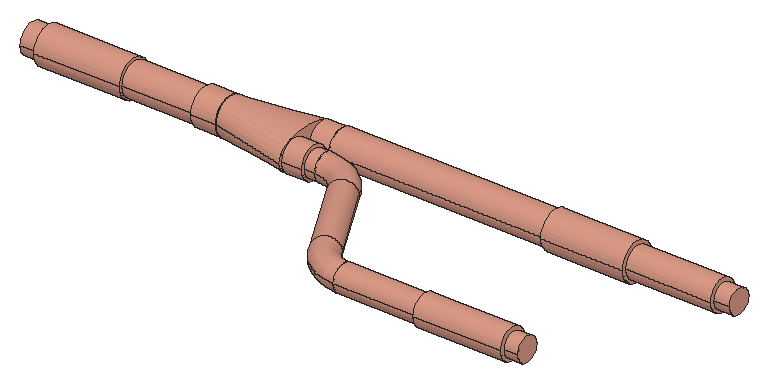
Revit family "outputfile", category 配管付属品, Revit 2024
Family settings
  丸型コネクタ寸法 = 半径を使用
  パーツ タイプ = 標準
  OmniClass 番号 = 23.65.55.00
  OmniClass タイトル = Distribution of Supplied Liquids/Gases
  作業面ベース = いいえ
  常に垂直 = はい
  ロード時にボイドで切り取り = いいえ
  共有 = いいえ
Parameters (values of type "BHRP25A22T")
  Description = ""
  製造元 = "Daikin"
  書き出し IFC クラス(タイプ) = "IfcPipeFittingType"
  定義済み IFC タイプ(タイプ) = "JUNCTION"
  Cost = 0
  Type Comments = ""
  Keynote = ""
  Type Image = (empty or 0)
  Assembly Code = ""
  mm⇔inch [instance] = yes
  Default Elevation = 0.0 mm
  モデル = "BHRP25A22T"
  table_StraightPipe [instance] = if(mm⇔inch, "Refnet Joint_BHRP25A-T_HPLPGas_StraightPipe", "Refnet Joint_BHRP25A-T_HPLPGas_StraightPipe_inch")  # "Refnet Joint_BHRP25A-T_HPLPGas_StraightPipe"
  table_BranchPipe [instance] = if(mm⇔inch, "Refnet Joint_BHRP25A-T_HPLPGas_BranchPipe", "Refnet Joint_BHRP25A-T_HPLPGas_BranchPipe_inch")  # "Refnet Joint_BHRP25A-T_HPLPGas_BranchPipe"
  table_Inlet [instance] = if(mm⇔inch, "Refnet Joint_BHRP25A-T_HPLPGas_Inlet", "Refnet Joint_BHRP25A-T_HPLPGas_Inlet_inch")  # "Refnet Joint_BHRP25A-T_HPLPGas_Inlet"
  switch_StraightPipe_Reducer [instance] = if(Is_StraightPipe Reducer = 1, 1 = 1, 1 = 0)  # no
  switch_StraightPipe3 [instance] = if(number_StraightPipe = 3, 1 = 1, 1 = 0)  # yes
  switch_StraightPipe2 [instance] = if(number_StraightPipe < 2, 1 = 0, 1 = 1)  # yes
  switch_BranchPipe_Reducer [instance] = if(Is_BranchPipe Reducer = 1, 1 = 1, 1 = 0)  # no
  switch_BranchPipe3 [instance] = if(number_BranchPipe = 3, 1 = 1, 1 = 0)  # no
  switch_BranchPipe2 [instance] = if(number_BranchPipe < 2, 1 = 0, 1 = 1)  # yes
  switch_Inlet pipe_Reducer [instance] = if(Is_Inlet Reducer = 1, 1 = 1, 1 = 0)  # no
  switch_Inlet pipe3 [instance] = if(number_InletPipe = 3, 1 = 1, 1 = 0)  # no
  switch_Inlet pipe2 [instance] = if(number_InletPipe < 2, 1 = 0, 1 = 1)  # yes
  Uniclass2015Version = "Products v1.31"
  Uniclass2015Title = "Copper pipe fittings"
  Uniclass2015Code = "Pr_65_52_63_18"
  URL = ""
  StraightPipe_HP/LP Gas_ActualDiameter [instance] = 9.5 mm
  Material_Piping = DAIKIN_Copper_Pipe
  Material_Insulation = DAIKIN_White_Insulation
  lw_Insulation [instance] = size_lookup(table_Inlet, "lw_Insulation", 60.0 mm, モデル)  # 60.0 mm
  Unit Type = "BHRP25A-T_HPLPGas"
  Tag No. [instance] = ""
  StraightPipe_HP/LP Gas_Status [instance] = size_lookup(table_StraightPipe, "Information", "The connected pipe size is not available.", モデル, [StraightPipe_HP/LP Gas_ActualDiameter])  # "Default connector size is used."
  Link_Nested Family [instance] = ""
  Inlet_HP/LP Gas_Actual Diameter [instance] = 12.7 mm
  IfcVersion = ""
  IfcExportType = "JUNCTION"
  IfcExportAs = "IfcPipeFittingType"
  BranchPipe_HP/LP Gas_Status [instance] = size_lookup(table_BranchPipe, "Information", "The connected pipe size is not available.", モデル, [BranchPipe_HP/LP Gas_ActualDiameter])  # "Default connector size is used."
  Inlet_HP/LP Gas_Status [instance] = size_lookup(table_Inlet, "Information", "The connected pipe size is not available.", モデル, [Inlet_HP/LP Gas_Actual Diameter])  # "Default connector size is used."
  Series = "Refnet Joint"
  O.R_dividePipe_Inlet [instance] = (I.D_InletPipe1 + 2.0 mm) / 2  # 8.95 mm
  r_StraightPipe_Connector [instance] = [StraightPipe_HP/LP Gas_ActualDiameter] / 2  # 4.75 mm
  r_BranchPipe_Connector [instance] = [BranchPipe_HP/LP Gas_ActualDiameter] / 2  # 4.75 mm
  r_Inlet_Connector [instance] = [Inlet_HP/LP Gas_Actual Diameter] / 2  # 6.35 mm
  number_StraightPipe [instance] = size_lookup(table_StraightPipe, "pipeNumber", 3, モデル, [StraightPipe_HP/LP Gas_ActualDiameter])  # 3
  number_BranchPipe [instance] = size_lookup(table_BranchPipe, "pipeNumber", 2, モデル, [BranchPipe_HP/LP Gas_ActualDiameter])  # 2
  number_InletPipe [instance] = size_lookup(table_Inlet, "pipeNumber", 2, モデル, [Inlet_HP/LP Gas_Actual Diameter])  # 2
  r_BranchPipeR [instance] = size_lookup(table_BranchPipe, "r_offsetPipeR", 20.0 mm, モデル, [BranchPipe_HP/LP Gas_ActualDiameter])  # 20.0 mm
  l_BranchPipe_Straight2 [instance] = size_lookup(table_BranchPipe, "L_offsetPipe2", 40.0 mm, モデル)  # 40.0 mm
  l_BranchPipe_Straight1 [instance] = size_lookup(table_BranchPipe, "L_offsetPipe1", 5.5 mm, モデル)  # 5.5 mm
  l_BranchPipe connector [instance] = size_lookup(table_BranchPipe, "Length", 165.0 mm, モデル, [BranchPipe_HP/LP Gas_ActualDiameter])  # 165.0 mm
  l_inlet connector [instance] = size_lookup(table_Inlet, "Length", 97.0 mm, モデル, [Inlet_HP/LP Gas_Actual Diameter])  # 97.0 mm
  l_dividePipe [instance] = size_lookup(table_Inlet, "L_devidePipe", 38.0 mm, モデル)  # 38.0 mm
  l_StraightPipeReducer [instance] = size_lookup(table_StraightPipe, "L_Reducer", 100.0 mm, モデル, [StraightPipe_HP/LP Gas_ActualDiameter])  # 100.0 mm
  l_StraightPipe3 [instance] = size_lookup(table_StraightPipe, "L_Pipe3", 8.0 mm, モデル)  # 8.0 mm
  l_StraightPipe2 [instance] = size_lookup(table_StraightPipe, "L_Pipe2", 42.0 mm, モデル)  # 42.0 mm
  l_StraightPipe1 [instance] = size_lookup(table_StraightPipe, "L_Pipe1", 40.0 mm, モデル)  # 40.0 mm
  l_StraightPipe0 [instance] = size_lookup(table_StraightPipe, "L_Pipe0", 105.0 mm, モデル)  # 105.0 mm
  l_StraightPipe connector [instance] = size_lookup(table_StraightPipe, "Length", 205.0 mm, モデル, [StraightPipe_HP/LP Gas_ActualDiameter])  # 205.0 mm
  l_BranchPipe Reducer [instance] = size_lookup(table_BranchPipe, "L_Reducer", 80.0 mm, モデル, [BranchPipe_HP/LP Gas_ActualDiameter])  # 80.0 mm
  l_BranchPipe3 [instance] = size_lookup(table_BranchPipe, "L_Pipe3", 2.0 mm, モデル)  # 2.0 mm
  l_BranchPipe2 [instance] = size_lookup(table_BranchPipe, "L_Pipe2", 7.0 mm, モデル)  # 7.0 mm
  l_BranchPipe1 [instance] = size_lookup(table_BranchPipe, "L_Pipe1", 43.0 mm, モデル)  # 43.0 mm
  l_BranchPipe0 [instance] = size_lookup(table_BranchPipe, "L_Pipe0", 105.0 mm, モデル)  # 105.0 mm
  l_InletReducer [instance] = size_lookup(table_Inlet, "L_Reducer", 60.0 mm, モデル, [Inlet_HP/LP Gas_Actual Diameter])  # 60.0 mm
  l_InletPipe3 [instance] = size_lookup(table_Inlet, "L_Pipe3", 2.0 mm, モデル)  # 2.0 mm
  l_InletPipe2 [instance] = size_lookup(table_Inlet, "L_Pipe2", 8.0 mm, モデル)  # 8.0 mm
  l_InletPipe1 [instance] = size_lookup(table_Inlet, "L_Pipe1", 42.0 mm, モデル)  # 42.0 mm
  l_InletPipe0 [instance] = size_lookup(table_Inlet, "L_Pipe0", 35.0 mm, モデル)  # 35.0 mm
  center_StraightPipe [instance] = size_lookup(table_StraightPipe, "center_Pipe", 8.5 mm, モデル)  # 8.5 mm
  center_BranchPipe2 [instance] = size_lookup(table_BranchPipe, "center_OffsetPipe", 71.5 mm, モデル)  # 71.5 mm
  center_BranchPipe1 [instance] = size_lookup(table_BranchPipe, "center_Pipe", 8.5 mm, モデル)  # 8.5 mm
  StraightPipe_HP/LP Gas_AvailableDiameter [instance] = size_lookup(table_StraightPipe, "sizeVariation", "", モデル)  # "9.5/12.7/15.9mm"
  BranchPipe_HP/LP Gas_AvailableDiameter [instance] = size_lookup(table_BranchPipe, "sizeVariation", "", モデル)  # "9.5/12.7mm"
  Inlet_HP/LP Gas_Available Diameter [instance] = size_lookup(table_Inlet, "sizeVariation", "", モデル)  # "9.5/12.7/15.9mm"
  O.D_StraightPipe Reducer [instance] = size_lookup(table_StraightPipe, "O.D_reducer", 2 mm, モデル, [StraightPipe_HP/LP Gas_ActualDiameter])  # 2 mm
  O.D_Offset Outlet Reducer [instance] = size_lookup(table_BranchPipe, "O.D_reducer", 2 mm, モデル, [BranchPipe_HP/LP Gas_ActualDiameter])  # 2 mm
  O.D_Inlet Reducer [instance] = size_lookup(table_Inlet, "O.D_reducer", 2 mm, モデル, [Inlet_HP/LP Gas_Actual Diameter])  # 2 mm
  Is_StraightPipe Reducer [instance] = size_lookup(table_StraightPipe, "IsReducer", 0, モデル, [StraightPipe_HP/LP Gas_ActualDiameter])  # 0
  Is_BranchPipe Reducer [instance] = size_lookup(table_BranchPipe, "IsReducer", 0, モデル, [BranchPipe_HP/LP Gas_ActualDiameter])  # 0
  Is_Inlet Reducer [instance] = size_lookup(table_Inlet, "IsReducer", 0, モデル, [Inlet_HP/LP Gas_Actual Diameter])  # 0
  BranchPipe_HP/LP Gas_ActualDiameter [instance] = 9.5 mm
  Attach_Insulation [instance] = no
  I.D_StraightPipe3 [instance] = size_lookup(table_StraightPipe, "I.D_PipeSize3", 9.5 mm, モデル)  # 9.5 mm
  I.D_StraightPipe2 [instance] = size_lookup(table_StraightPipe, "I.D_PipeSize2", 12.7 mm, モデル)  # 12.7 mm
  I.D_StraightPipe1 [instance] = size_lookup(table_StraightPipe, "I.D_PipeSize1", 15.9 mm, モデル)  # 15.9 mm
  I.D_StraightPipe0 [instance] = size_lookup(table_StraightPipe, "I.D_PipeSize0", 13.9 mm, モデル)  # 13.9 mm
  I.D_BranchPipe3 [instance] = size_lookup(table_BranchPipe, "I.D_PipeSize3", 2 mm, モデル)  # 2 mm
  I.D_BranchPipe2 [instance] = size_lookup(table_BranchPipe, "I.D_PipeSize2", 9.5 mm, モデル)  # 9.5 mm
  I.D_BranchPipe1 [instance] = size_lookup(table_BranchPipe, "I.D_PipeSize1", 12.7 mm, モデル)  # 12.7 mm
  I.D_BranchPipe0 [instance] = size_lookup(table_BranchPipe, "I.D_PipeSize0", 10.7 mm, モデル)  # 10.7 mm
  I.D_Straight Reducer [instance] = size_lookup(table_StraightPipe, "I.D_reducer", 2 mm, モデル, [StraightPipe_HP/LP Gas_ActualDiameter])  # 2 mm
  I.D_OutletPipe [instance] = size_lookup(table_Inlet, "I.D_OutletPipeSize", 13.3 mm, モデル, [Inlet_HP/LP Gas_Actual Diameter])  # 13.3 mm
  I.D_Branch Reducer [instance] = size_lookup(table_BranchPipe, "I.D_reducer", 2 mm, モデル, [BranchPipe_HP/LP Gas_ActualDiameter])  # 2 mm
  I.D_Inlet Reducer [instance] = size_lookup(table_Inlet, "I.D_reducer", 2 mm, モデル, [Inlet_HP/LP Gas_Actual Diameter])  # 2 mm
  I.D_InletPipe3 [instance] = size_lookup(table_Inlet, "I.D_PipeSize3", 2 mm, モデル)  # 2 mm
  I.D_InletPipe2 [instance] = size_lookup(table_Inlet, "I.D_PipeSize2", 12.7 mm, モデル)  # 12.7 mm
  I.D_InletPipe1 [instance] = size_lookup(table_Inlet, "I.D_PipeSize1", 15.9 mm, モデル)  # 15.9 mm
  I.D_InletPipe0 [instance] = size_lookup(table_Inlet, "I.D_PipeSize0", 13.9 mm, モデル)  # 13.9 mm
Reference planes
  plane 1 "Center (Front/Back)": y = 0
  plane 2: z = 0
  plane 3 "base_left": x = 0
  plane 4: x = 2
  plane 5: x = 10
  plane 6: x = 52
  plane 7: x = 87
  plane 8: x = 99
  plane 9: x = 137
  plane 10: x = 147
  plane 11 "center_straight outlet": y = 8.5
  plane 12 "center2_offset outlet": y = -71.5
  plane 13 "center1_offset outlet": y = -8.5
  plane 14: x = 252
  plane 15: x = 292
  plane 16: x = 334
  plane 17: x = 252
  plane 18: x = 295
  plane 19: x = 302
  plane 20: x = 342
  plane 21: x = 304
  plane 22 "Reducer_straightoutlet": x = 302
  plane 23: x = 342
  plane 24: y = -17.45
  plane 25: z = 8.95
  plane 26 "Inlet_connector": x = 2
  plane 27 "Left_Insulation": x = 39
Forms (mm)
  SweptBlend 1, solid, material "DAIKIN_Copper_Pipe" <- "Material_Piping"
    path origin (0, 0, 0) x (1, 0, 0) y (0, 1, 0)
      loop
        line (99, 0) -> (137, 0)
    profile origin (99, 0, 0) x (0, 1, 0) y (0, 0, 1)
      loop
        circle (0, 0) r 8.95
    end profile origin (137, 0, 0) x (0, 1, 0) y (0, 0, 1)
      loop
        spline (-17.45, 0) -> (-16.855, -2.316) -> (-15.112, -4.475) -> (-12.339, -6.329) -> (-8.725, -7.751) -> (-4.516, -8.645) -> (0, -8.95) -> (4.516, -8.645) -> (8.725, -7.751) -> (12.339, -6.329) -> (15.112, -4.475) -> (16.855, -2.316) -> (17.45, 0)
        spline (17.45, 0) -> (16.855, 2.316) -> (15.112, 4.475) -> (12.339, 6.329) -> (8.725, 7.751) -> (4.516, 8.645) -> (0, 8.95) -> (-4.516, 8.645) -> (-8.725, 7.751) -> (-12.339, 6.329) -> (-15.112, 4.475) -> (-16.855, 2.316) -> (-17.45, 0)
Dimensions and locks
  "l_InletPipe3": plane 3 "base_left" to plane 4
  "l_InletPipe2": plane 4 to plane 5
  "l_InletPipe1": plane 5 to plane 6
  "l_InletPipe0": plane 6 to plane 7
  locked: plane 7 to plane 8 at 12
  "center_StraightPipe": plane 1 "Center (Front/Back)" to plane 11 "center_straight outlet"
  "center_BranchPipe2": plane 12 "center2_offset outlet" to plane 1 "Center (Front/Back)"
  "center_BranchPipe1": plane 13 "center1_offset outlet" to plane 1 "Center (Front/Back)"
  "l_dividePipe": plane 8 to plane 9
  plane 9 to plane 10 = 10.0 mm
  "l_StraightPipe0": plane 10 to plane 14
  "l_BranchPipe0": plane 10 to plane 17
  "l_BranchPipe1": plane 17 to plane 18
  "l_BranchPipe2": plane 18 to plane 19
  "l_StraightPipe1": plane 14 to plane 15
  "l_StraightPipe2": plane 15 to plane 16
  "l_StraightPipe3": plane 16 to plane 20
  "l_BranchPipe3": plane 19 to plane 21
  "l_BranchPipe connector": plane 9 to plane 22 "Reducer_straightoutlet"
  "l_StraightPipe connector": plane 9 to plane 23
  "O.R_dividePipe_Inlet": plane 24 to plane 13 "center1_offset outlet"
  "O.R_dividePipe_Inlet": plane 25 to plane 2
  "l_inlet connector": plane 26 "Inlet_connector" to plane 8
  "lw_Insulation": plane 27 "Left_Insulation" to plane 8
  "O.R_dividePipe_Inlet": radius of SweptBlend 1 sketch curve
  aligned and locked: level to plane 2
  aligned and locked: plane 2 to nested 1
  aligned and locked: plane 3 "base_left" to nested 1
  aligned and locked: plane 1 "Center (Front/Back)" to nested 1
  aligned and locked: plane 4 to nested 2
  aligned and locked: plane 1 "Center (Front/Back)" to nested 2
  aligned and locked: plane 5 to nested 2
  aligned and locked: plane 5 to nested 3
  aligned and locked: plane 6 to nested 3
  aligned and locked: plane 6 to nested 4
  aligned and locked: nested 4 to plane 7
  aligned and locked: nested 5 to plane 7
  aligned and locked: nested 5 to plane 8
  aligned and locked: plane 8 to SweptBlend 1 sketch curve
  aligned and locked: plane 9 to SweptBlend 1 sketch curve
  aligned and locked: plane 2 to SweptBlend 1 sketch curve  (x2)
  aligned and locked: plane 1 "Center (Front/Back)" to SweptBlend 1 sketch curve  (x2)
  aligned and locked: nested 6 to plane 9
  aligned and locked: nested 7 to plane 9
  aligned and locked: nested 6 to plane 11 "center_straight outlet"
  aligned and locked: nested 7 to plane 13 "center1_offset outlet"
  aligned and locked: nested 7 to plane 10
  aligned and locked: nested 6 to plane 10
  aligned and locked: nested 8 to plane 10
  aligned and locked: plane 14 to nested 8
  aligned and locked: nested 8 to plane 11 "center_straight outlet"
  aligned and locked: plane 14 to nested 9
  aligned and locked: nested 9 to plane 11 "center_straight outlet"
  aligned and locked: plane 15 to nested 9
  aligned and locked: nested 10 to plane 11 "center_straight outlet"
  aligned and locked: plane 15 to nested 10
  aligned and locked: plane 16 to nested 10
  aligned and locked: nested 11 to plane 12 "center2_offset outlet"
  aligned and locked: plane 17 to nested 11
  aligned and locked: plane 18 to nested 11
  aligned and locked: nested 12 to plane 12 "center2_offset outlet"
  aligned and locked: plane 18 to nested 12
  aligned and locked: plane 19 to nested 12
  aligned and locked: nested 13 to plane 10
  aligned and locked: nested 13 to plane 13 "center1_offset outlet"
  aligned and locked: nested 13 to plane 12 "center2_offset outlet"
  aligned and locked: plane 8 to nested 14
  aligned and locked: plane 1 "Center (Front/Back)" to nested 14
  aligned and locked: plane 11 "center_straight outlet" to nested 15
  aligned and locked: nested 15 to plane 9
  aligned and locked: nested 16 to plane 9
  aligned and locked: plane 12 "center2_offset outlet" to nested 16
  aligned and locked: nested 17 to plane 1 "Center (Front/Back)"
  aligned and locked: plane 16 to nested 18
  aligned and locked: plane 20 to nested 18
  aligned and locked: plane 19 to nested 19
  aligned and locked: plane 21 to nested 19
  aligned and locked: nested 20 to plane 12 "center2_offset outlet"
  aligned and locked: plane 23 to nested 21
  aligned and locked: nested 21 to plane 11 "center_straight outlet"
  aligned and locked: plane 4 to nested 1
  aligned and locked: plane 24 to SweptBlend 1 sketch curve
  aligned and locked: plane 25 to SweptBlend 1 sketch curve
  aligned and locked: nested 19 to plane 12 "center2_offset outlet"
  aligned and locked: nested 18 to plane 11 "center_straight outlet"
  aligned and locked: nested 17 to plane 26 "Inlet_connector"
  aligned and locked: plane 22 "Reducer_straightoutlet" to nested 20
  aligned and locked: plane 27 "Left_Insulation" to nested 22
  aligned and locked: plane 1 "Center (Front/Back)" to nested 22
Automatic sketch dimensions
  plane 1 "Center (Front/Back)" to SweptBlend 1 sketch curve = 0.0 mm
Nested families
  nested 1: "daikin_Pipe" at (1, 0, 0), I.D_Pipe <- "I.D_InletPipe3", display <- "switch_Inlet pipe3", type "*"
    with length_Pipe 2.0 mm, display no, O.D_Pipe 4.0 mm, I.D_Pipe 2.0 mm
  nested 2: "daikin_Pipe" at (6, 0, 0), I.D_Pipe <- "I.D_InletPipe2", display <- "switch_Inlet pipe2", type "*"
    with length_Pipe 8.0 mm, display yes, O.D_Pipe 14.7 mm, I.D_Pipe 12.7 mm
  nested 3: "daikin_Pipe" at (31, 0, 0), I.D_Pipe <- "I.D_InletPipe1", type "*"
    with length_Pipe 42.0 mm, display yes, O.D_Pipe 17.9 mm, I.D_Pipe 15.9 mm
  nested 4: "daikin_Pipe" at (69.5, 0, 0), I.D_Pipe <- "I.D_InletPipe0", type "*"
    with length_Pipe 35.0 mm, display yes, O.D_Pipe 15.9 mm, I.D_Pipe 13.9 mm
  nested 5: "daikin_Pipe" at (93, 0, 0), I.D_Pipe <- "I.D_InletPipe1", type "*"
    with length_Pipe 12.0 mm, display yes, O.D_Pipe 17.9 mm, I.D_Pipe 15.9 mm
  nested 6: "daikin_Pipe" at (142, 8.5, 0), I.D_Pipe <- "I.D_OutletPipe", type "*"
    with length_Pipe 10.0 mm, display yes, O.D_Pipe 15.3 mm, I.D_Pipe 13.3 mm
  nested 7: "daikin_Pipe" at (142, -8.5, 0), I.D_Pipe <- "I.D_OutletPipe", type "*"
    with length_Pipe 10.0 mm, display yes, O.D_Pipe 15.3 mm, I.D_Pipe 13.3 mm
  nested 8: "daikin_Pipe" at (199.5, 8.5, 0), I.D_Pipe <- "I.D_StraightPipe0", type "*"
    with length_Pipe 105.0 mm, display yes, O.D_Pipe 15.9 mm, I.D_Pipe 13.9 mm
  nested 9: "daikin_Pipe" at (272, 8.5, 0), I.D_Pipe <- "I.D_StraightPipe1", type "*"
    with length_Pipe 40.0 mm, display yes, O.D_Pipe 17.9 mm, I.D_Pipe 15.9 mm
  nested 10: "daikin_Pipe" at (313, 8.5, 0), I.D_Pipe <- "I.D_StraightPipe2", display <- "switch_StraightPipe2", type "*"
    with length_Pipe 42.0 mm, display yes, O.D_Pipe 14.7 mm, I.D_Pipe 12.7 mm
  nested 11: "daikin_Pipe" at (273.5, -71.5, 0), I.D_Pipe <- "I.D_BranchPipe1", type "*"
    with length_Pipe 43.0 mm, display yes, O.D_Pipe 14.7 mm, I.D_Pipe 12.7 mm
  nested 12: "daikin_Pipe" at (298.5, -71.5, 0), I.D_Pipe <- "I.D_BranchPipe2", display <- "switch_BranchPipe2", type "*"
    with length_Pipe 7.0 mm, display yes, O.D_Pipe 11.5 mm, I.D_Pipe 9.5 mm
  nested 13: "daikin_Pipe Ofsset" at (147, -8.5, 0), I.D_Pipe size <- "I.D_BranchPipe0", length_straight pipe1 <- "l_BranchPipe_Straight1", length_straight pipe2 <- "l_BranchPipe_Straight2", r_Pipe R <- "r_BranchPipeR", length_Pipe <- "l_BranchPipe0", type "*"
    with r_Pipe R 20.0 mm, length_straight pipe2 40.0 mm, length_straight pipe1 5.5 mm, length_offset center 63.0 mm, length_Pipe 105.0 mm, O.D_Pipe size 12.7 mm, I.D_Pipe size 10.7 mm
  nested 14: "daikin_connector_rotate2" at (99, 0, 0) x (0, -1, 0) z (0, 0, 1), length <- "l_inlet connector", type "daikin_connector_rotate2"
    with radius 5.0 mm, length 97.0 mm, angle_vertical 90.00°, locaton_mark no
  nested 15: "daikin_connector_rotate2" at (137, 8.5, 0) x (0, 1, 0) z (0, 0, 1), length <- "l_StraightPipe connector", type "daikin_connector_rotate2"
    with radius 5.0 mm, length 205.0 mm, angle_vertical 90.00°, locaton_mark no
  nested 16: "daikin_connector_rotate2" at (137, -71.5, 0) x (0, 1, 0) z (0, 0, 1), length <- "l_BranchPipe connector", type "daikin_connector_rotate2"
    with radius 5.0 mm, length 165.0 mm, angle_vertical 90.00°, locaton_mark no
  nested 17: "daikin_Pipe_reducer" at (32, 0, 0) x (-1, 0, 0) z (0, 0, 1), display <- "switch_Inlet pipe_Reducer", length_Pipe <- "l_InletReducer", I.D_Pipe1 <- "I.D_Inlet Reducer", O.D_Pipe2 <- "O.D_Inlet Reducer", type "*"
    with length_Pipe 60.0 mm, display no, O.D_Pipe2 2.0 mm, O.D_Pipe1 4.0 mm, I.D_Pipe2 0.0 mm, I.D_Pipe1 2.0 mm
  nested 18: "daikin_Pipe" at (338, 8.5, 0), I.D_Pipe <- "I.D_StraightPipe3", display <- "switch_StraightPipe3", type "*"
    with length_Pipe 8.0 mm, display yes, O.D_Pipe 11.5 mm, I.D_Pipe 9.5 mm
  nested 19: "daikin_Pipe" at (303, -71.5, 0), I.D_Pipe <- "I.D_BranchPipe3", display <- "switch_BranchPipe3", type "*"
    with length_Pipe 2.0 mm, display no, O.D_Pipe 4.0 mm, I.D_Pipe 2.0 mm
  nested 20: "daikin_Pipe_reducer" at (262, -71.5, 0), I.D_Pipe1 <- "I.D_Branch Reducer", O.D_Pipe2 <- "O.D_Offset Outlet Reducer", length_Pipe <- "l_BranchPipe Reducer", display <- "switch_BranchPipe_Reducer", type "*"
    with length_Pipe 80.0 mm, display no, O.D_Pipe2 2.0 mm, O.D_Pipe1 4.0 mm, I.D_Pipe2 0.0 mm, I.D_Pipe1 2.0 mm
  nested 21: "daikin_Pipe_reducer" at (292, 8.5, 0), I.D_Pipe1 <- "I.D_Straight Reducer", O.D_Pipe2 <- "O.D_StraightPipe Reducer", length_Pipe <- "l_StraightPipeReducer", display <- "switch_StraightPipe_Reducer", type "*"
    with length_Pipe 100.0 mm, display no, O.D_Pipe2 2.0 mm, O.D_Pipe1 4.0 mm, I.D_Pipe2 0.0 mm, I.D_Pipe1 2.0 mm
  nested 22: "daikin_Insulation_RefnetJoint" at (39, 0, 0), I.D_Outlet PipeSize <- "I.D_OutletPipe", type "*"
    with h 45.3 mm, I.D_Outlet PipeSize 13.3 mm
Connectors
  piping at (2, 0, 0), diameter 12.7, driven by "r_Inlet_Connector"
    settings: on nested 14, index 1, connector inside diameter 609.6 mm, connector length 0.0 mm, flow factor 0, pipe flow 0.00 m³/h, pressure drop 0.0 Pa, fitting loss kfactor 0, connector angle 0.00°, fixture units 0, engagement length 0.0 mm, angle of deflection 0.00°, flow configuration 0, flow direction 0, fitting loss method 0, system type 29, joint type 0, gender type 0, connector reference index -1, connector utility 0, adjustable connector no, is connector primary yes, connector description "Refnet Joint_Inlet_HP/LP Gas"
  piping at (302, -71.5, 0), diameter 9.5, driven by "r_BranchPipe_Connector"
    settings: on nested 16, index 2, connector inside diameter 609.6 mm, connector length 0.0 mm, flow factor 0, pipe flow 0.00 m³/h, pressure drop 0.0 Pa, fitting loss kfactor 0, connector angle 0.00°, fixture units 0, engagement length 0.0 mm, angle of deflection 0.00°, flow configuration 0, flow direction 0, fitting loss method 0, system type 29, joint type 0, gender type 0, connector reference index -1, connector utility 0, adjustable connector no, is connector primary no, connector description "Refnet Joint_Outlet Branch_HP/LP Gas"
  piping at (342, 8.5, 0), diameter 9.5, driven by "r_StraightPipe_Connector"
    settings: on nested 15, index 3, connector inside diameter 609.6 mm, connector length 0.0 mm, flow factor 0, pipe flow 0.00 m³/h, pressure drop 0.0 Pa, fitting loss kfactor 0, connector angle 0.00°, fixture units 0, engagement length 0.0 mm, angle of deflection 0.00°, flow configuration 0, flow direction 0, fitting loss method 0, system type 29, joint type 0, gender type 0, connector reference index -1, connector utility 0, adjustable connector no, is connector primary no, connector description "Refnet Joint_Outlet Straight_HP/LP Gas"
Definition of nested family "daikin_Pipe"
  Parameters (values of type "*")
    Default Elevation = 0.0 mm
    material = none
    length_Pipe [instance] = 150.0 mm
    display [instance] = yes
    O.D_Pipe [instance] = I.D_Pipe + 2.0 mm  # 27.0 mm
    I.D_Pipe [instance] = 25.0 mm
  Reference planes
    plane 1 "Center (Front/Back)": y = 0
    plane 2 "center(vertical)": z = 0
    plane 3 "Center (Left/Right)": x = 0
    plane 4 "left": x = -75
    plane 5 "right": x = 75
  Forms (mm)
    Extrusion 1, solid, material <- "material", visible <- "display"
      sketch origin (0, 0, 0) x (0, 1, 0) y (0, 0, 1)
        loop
          circle (0, 0) r 13.5
      from -75 to 75
  Dimensions and locks
    equal spacing: plane 4 "left", plane 3 "Center (Left/Right)", plane 5 "right"
    "length_Pipe": plane 4 "left" to plane 5 "right"
    "O.D_Pipe": diameter of Extrusion 1 sketch curve
    aligned and locked: level to plane 2 "center(vertical)"
    aligned and locked: plane 2 "center(vertical)" to Extrusion 1 sketch curve
    aligned and locked: plane 1 "Center (Front/Back)" to Extrusion 1 sketch curve
    aligned and locked: plane 5 "right" to Extrusion 1
    aligned and locked: Extrusion 1 to plane 4 "left"
Definition of nested family "daikin_Pipe Ofsset"
  Parameters (values of type "*")
    Default Elevation = 0.0 mm
    r_Pipe R [instance] = 40.0 mm
    material = none
    length_straight pipe2 [instance] = 43.0 mm
    length_straight pipe1 [instance] = 5.0 mm
    length_offset center [instance] = 57.0 mm
    length_Pipe [instance] = 110.0 mm
    O.D_Pipe size [instance] = I.D_Pipe size + 2 mm  # 12 mm
    I.D_Pipe size [instance] = 10 mm
  Reference planes
    plane 1 "Center (Front/Back)": y = 0
    plane 2: z = 0
    plane 3 "Center (Left/Right)": x = 0
    plane 4: y = -57
    plane 5: x = 110
    plane 6: x = 67
    plane 7: x = 5
  Forms (mm)
    Sweep 1, solid, material <- "material"
      path origin (0, 0, 0) x (1, 0, 0) y (0, 1, 0)
        loop
          line (0, 0) -> (5, 0)
          arc (5, 0) -> (20.74, -3.227) -> (33.94, -12.387) r 40
          line (33.94, -12.387) -> (38.06, -44.613)
          arc (38.06, -44.613) -> (51.26, -53.773) -> (67, -57) r 40
          line (67, -57) -> (110, -57)
      profile origin (2.5, 0, 0) x (0, 1, 0) y (0, 0, 1)
        loop
          circle (0, 0) r 6
  Dimensions and locks
    "length_offset center": plane 4 to plane 1 "Center (Front/Back)"
    "length_straight pipe1": plane 3 "Center (Left/Right)" to plane 7
    "length_Pipe": plane 3 "Center (Left/Right)" to plane 5
    "length_straight pipe2": plane 6 to plane 5
    "O.D_Pipe size": diameter of Sweep 1 sketch curve
    "r_Pipe R": radius of Sweep 1 sketch curve  (x2)
    aligned and locked: level to plane 2
    aligned and locked: plane 1 "Center (Front/Back)" to Sweep 1 sketch curve
    aligned and locked: profile plane to Sweep 1 sketch curve
    aligned and locked: plane 5 to Sweep 1 sketch curve
    aligned and locked: plane 7 to Sweep 1 sketch curve
    aligned and locked: plane 6 to Sweep 1 sketch curve
  Automatic sketch dimensions
    plane 1 "Center (Front/Back)" to Sweep 1 sketch curve = 0.0 mm
    Sweep 1 sketch curve to plane 3 "Center (Left/Right)" = 0.0 mm
    plane 4 to Sweep 1 sketch curve = 0.0 mm
    plane 1 "Center (Front/Back)" to Sweep 1 sketch curve = 12.387 mm
    Sweep 1 sketch curve to plane 4 = 12.387 mm
Definition of nested family "daikin_connector_rotate2"
  Parameters (values of type "daikin_connector_rotate2")
    show_face = no
    radius [instance] = 10.0 mm
    locaton_mark = yes
    length [instance] = 600.0 mm
    d_surface = 10.0 mm
    angle_vertical [instance] = 90.00°
    Default Elevation = 0.0 mm
  Reference planes
    plane 1 "Center (Front/Back)": y = 0
    plane 2: z = 0
    plane 3 "Center (Left/Right)": x = 0
  Forms (mm)
    Extrusion 1, solid, visible <- "show_face"
      sketch origin (0, -600, 0) x (1, 0, 0) y (0, 0, 1)
        loop
          circle (0, 0) r 10
      from 0 to -10
  Lines and regions (mm)
    reference lines
      curve 1: line (0, 0, 0) -> (0, -600, 0)
    symbolic lines, visible <- "locaton_mark"
      curve 2: circle (0, 0, 0) r 5 normal (0, 0, 1)
    model lines, visible <- "show_face"
      curve 3: line (0, 0, 0) -> (0, -600, 0)
  Dimensions and locks
    "length": curve 1 to curve 1
    "length": curve 3 to curve 3
    "d_surface": Extrusion 1 to Extrusion 1
    "radius": radius of Extrusion 1 sketch curve
    "angle_vertical": angle curve 1 to plane 1 "Center (Front/Back)"
    "angle_vertical": angle curve 3 to plane 1 "Center (Front/Back)"
    aligned and locked: level to plane 2
    aligned and locked: plane 1 "Center (Front/Back)" to curve 1
    aligned and locked: plane 2 to curve 1
    aligned and locked: plane 1 "Center (Front/Back)" to curve 2
    aligned and locked: plane 3 "Center (Left/Right)" to curve 2
    aligned and locked: plane 1 "Center (Front/Back)" to curve 3
    aligned and locked: plane 2 to curve 3
    aligned and locked: Extrusion 1 to Extrusion 1
  Automatic sketch dimensions
    Extrusion 1 sketch curve to level = 0.0 mm
    Extrusion 1 sketch curve to plane 3 "Center (Left/Right)" = 0.0 mm
    radius of curve 2 = 5.0 mm
Definition of nested family "daikin_Pipe_reducer"
  Parameters (values of type "*")
    Default Elevation = 0.0 mm
    material = none
    length_Pipe [instance] = 250.0 mm
    display [instance] = yes
    O.D_Pipe2 [instance] = 19.1 mm
    O.D_Pipe1 [instance] = I.D_Pipe1 + 2.0 mm  # 24.2 mm
    I.D_Pipe2 [instance] = O.D_Pipe2 - 2.0 mm  # 17.1 mm
    I.D_Pipe1 [instance] = 22.2 mm
  Reference planes
    plane 1 "Center (Front/Back)": y = 0
    plane 2 "center(vertical)": z = 0
    plane 3 "Center (Left/Right)": x = 0
    plane 4 "connection": x = -125
    plane 5 "right": x = 113
    plane 6: x = 125
  Forms (mm)
    Extrusion 1, solid, material <- "material", visible <- "display"
      sketch origin (0, 0, 0) x (0, 1, 0) y (0, 0, 1)
        loop
          circle (0, 0) r 9.55
      from -125 to 113
    Extrusion 2, solid, material <- "material", visible <- "display"
      sketch origin (0, 0, 0) x (0, 1, 0) y (0, 0, 1)
        loop
          circle (0, 0) r 12.1
      from 113 to 125
  Dimensions and locks
    locked: plane 5 "right" to plane 6 at 12
    "length_Pipe": plane 4 "connection" to plane 6
    equal spacing: plane 4 "connection", plane 3 "Center (Left/Right)", plane 6
    "O.D_Pipe2": diameter of Extrusion 1 sketch curve
    "O.D_Pipe1": diameter of Extrusion 2 sketch curve
    aligned and locked: level to plane 2 "center(vertical)"
    aligned and locked: plane 2 "center(vertical)" to Extrusion 1 sketch curve
    aligned and locked: plane 1 "Center (Front/Back)" to Extrusion 1 sketch curve
    aligned and locked: plane 5 "right" to Extrusion 1
    aligned and locked: Extrusion 1 to plane 4 "connection"
    aligned and locked: plane 2 "center(vertical)" to Extrusion 2 sketch curve
    aligned and locked: plane 1 "Center (Front/Back)" to Extrusion 2 sketch curve
    aligned and locked: Extrusion 2 to plane 5 "right"
    aligned and locked: plane 6 to Extrusion 2
Definition of nested family "daikin_Insulation_RefnetJoint"
  Parameters (values of type "*")
    r_Insulation = size_lookup(table_Insulation, "r_Insulation", 13.5 mm, Model)  # 13.5 mm
    h_Insulation = size_lookup(table_Insulation, "h_Insulation", 202.5 mm, Model)  # 202.5 mm
    d_Insulation3_3 = size_lookup(table_Insulation, "d_Insulation3_3", 68.0 mm, Model)  # 68.0 mm
    d_Insulation2_2 = size_lookup(table_Insulation, "d_Insulation2_2", 39.5 mm, Model)  # 39.5 mm
    d_Insulation1_1 = size_lookup(table_Insulation, "d_Insulation1_1", 28.0 mm, Model)  # 28.0 mm
    Default Elevation = 0.0 mm
    Model = "BHRP25A22T"
    w_Insulation5 = size_lookup(table_Insulation, "w_Insulation5", 212.0 mm, Model)  # 212.0 mm
    w_Insulation4 = size_lookup(table_Insulation, "w_Insulation4", 67.0 mm, Model)  # 67.0 mm
    w_Insulation3 = size_lookup(table_Insulation, "w_Insulation3", 34.7 mm, Model)  # 34.7 mm
    w_Insulation2 = size_lookup(table_Insulation, "w_Insulation2", 80.0 mm, Model)  # 80.0 mm
    w_Insulation1 = size_lookup(table_Insulation, "w_Insulation1", 22.0 mm, Model)  # 22.0 mm
    table_Insulation = "Refnet Joint_BHRP25A-T_HPLPGas_Insulation"  # constant formula
    material = none
    h [instance] = (I.D_Outlet PipeSize + 2.0 mm) + 30.0 mm  # 47.0 mm
    display = no
    d_Insulation3 = size_lookup(table_Insulation, "d_Insulation3", 63.5 mm, Model)  # 63.5 mm
    d_Insulation2 = size_lookup(table_Insulation, "d_Insulation2", 39.5 mm, Model)  # 39.5 mm
    d_Insulation1 = size_lookup(table_Insulation, "d_Insulation1", 28.0 mm, Model)  # 28.0 mm
    I.D_Outlet PipeSize [instance] = 15.0 mm
  Reference planes
    plane 1 "Center (Front/Back)": y = 0
    plane 2: z = 0
    plane 3 "Left": x = 0
    plane 4 "top": z = 23.5
    plane 5 "bottom": z = -23.5
    plane 6: x = 22
    plane 7: x = 80
    plane 8: y = 28
    plane 9: y = -28
    plane 10: y = 39.5
    plane 11: y = -39.5
    plane 12: y = -92
    plane 13: x = 212
    plane 14: y = -28.5
    plane 15: x = 114.7
    plane 16: x = 145
    plane 17: x = 202.5
  Forms (mm)
    Extrusion 1, solid, material <- "material", visible <- "display"
      sketch origin (0, 0, 0) x (1, 0, 0) y (0, 1, 0)
        loop
          line (22, 28) -> (0, 28) -> (0, -28) -> (22, -28) -> (80, -39.5) -> (114.7, -39.5) -> (145, -92) -> (212, -92) -> (212, -42) -> (202.5, -42)
          arc (202.5, -42) -> (189, -28.5) -> (202.5, -15) r 13.5
          line (202.5, -15) -> (212, -15) -> (212, 39.5) -> (80, 39.5) -> (22, 28)
      from -23.5 to 23.5
  Dimensions and locks
    equal spacing: plane 4 "top", plane 2, plane 5 "bottom"
    "h": plane 4 "top" to plane 5 "bottom"
    "w_Insulation1": plane 3 "Left" to plane 6
    "w_Insulation2": plane 3 "Left" to plane 7
    "w_Insulation5": plane 3 "Left" to plane 13
    "w_Insulation3": plane 7 to plane 15
    "w_Insulation4": plane 16 to plane 13
    "d_Insulation1": plane 1 "Center (Front/Back)" to plane 9
    "d_Insulation1_1": plane 8 to plane 1 "Center (Front/Back)"
    "d_Insulation2": plane 1 "Center (Front/Back)" to plane 11
    "d_Insulation2_2": plane 10 to plane 1 "Center (Front/Back)"
    "d_Insulation3_3": plane 10 to plane 14
    "d_Insulation3": plane 14 to plane 12
    "r_Insulation": Extrusion 1 sketch curve to plane 14
    "r_Insulation": plane 14 to Extrusion 1 sketch curve
    "h_Insulation": plane 3 "Left" to plane 17
    "r_Insulation": radius of Extrusion 1 sketch curve
    aligned and locked: level to plane 2
    aligned and locked: Extrusion 1 to plane 5 "bottom"
    aligned and locked: plane 4 "top" to Extrusion 1
    aligned and locked: plane 6 to Extrusion 1  (x2)
    aligned and locked: plane 7 to Extrusion 1  (x2)
    aligned and locked: plane 6 to Extrusion 1 sketch curve
    aligned and locked: plane 11 to Extrusion 1 sketch curve
    aligned and locked: plane 7 to Extrusion 1 sketch curve  (x2)
    aligned and locked: plane 10 to Extrusion 1 sketch curve
    aligned and locked: Extrusion 1 sketch curve to plane 12
    aligned and locked: Extrusion 1 sketch curve to plane 13  (x2)
    aligned and locked: plane 16 to Extrusion 1 sketch curve
    aligned and locked: plane 15 to Extrusion 1 sketch curve
    aligned and locked: plane 17 to Extrusion 1 sketch curve
  Automatic sketch dimensions
    Extrusion 1 sketch curve to plane 3 "Left" = 0.0 mm
    Extrusion 1 sketch curve to plane 6 = 0.0 mm
    Extrusion 1 sketch curve to plane 9 = 0.0 mm
    Extrusion 1 sketch curve to plane 8 = 0.0 mm
